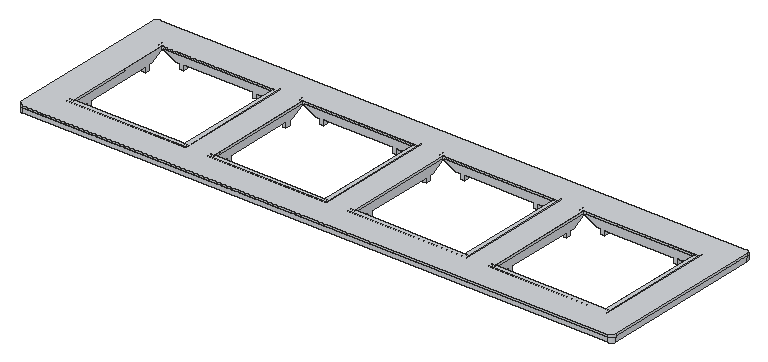
Revit family "Gira_0214335", category Electrical Fixtures, host Face, Revit 2017
Family settings
  Host = Face
  Maintain Annotation Orientation = No
  Round Connector Dimension = Use Diameter
  Part Type = Normal
  Cut with Voids When Loaded = No
  Shared = No
  Room Calculation Point = No
Parameters (values of type "Cov.fr. 4-g flat Gira E2 stainl.steel")
  With mounting grid = "No"
  With hinged lid = "No"
  URL = "http://katalog.gira.de/en/datenblatt.html?artikelnr=0214335"
  Type of fastening = "Clamp mounting"
  Transparent = "No"
  Surface protection = "Other"
  Suitable for wall duct = "No"
  Suitable for flush-mounted installation = "Yes"
  Suitable for floor box = "No"
  Suitable for built-in installation = "No"
  Number of units vertical = "4"
  Number of units horizontal = "4"
  Number of units = "4"
  Name = "Cov.fr. 4-g flat Gira E2 stainl.steel"
  Mounting direction = "Horizontal and vertical"
  Material quality = "Stainless steel"
  Material = "Metal"
  Manufacturer URL = "https://www.gira.de/"
  Manufacturer = "Gira"
  Label space/information surface = "No"
  Keynote = ""
  HeinzeBIM = "https://bimportal.heinze.de/bim/cov-fr-4-g-flat-gira-e2-stainl-steel/90f0c5539f25e6125e50d8c9e116ab248014e468"
  Halogen free = "No"
  HAN = "0214335"
  GTIN = "4010337019886"
  Description = "Cov.fr.4g flat E2 SST,Gira E2 cover frame for flat installation,Stainless steel,4-gang,"
  Degree of protection (IP) = "IP20"
  Default Elevation = 1219.2 mm
  Data sheet (1) = "https://katalog.gira.de/en/download.html?artikelnr=0214335"
  Colour = "Stainless steel"
  Category = "Cover frame for domestic switching devices"
  BIM (1) = "https://media.stage.bim.site/public/gira/36a6b08/E2flach_Rahmen_4fach.rfa"
  Available = "No"
Reference planes
  plane 1 "Center (Front/Back)": y = 0
  plane 2: z = 0
  plane 3 "Center (Left/Right)": x = 0
Forms (mm)
  Extrusion 1, solid, detail levels fine
    sketch origin (0, 0, 0) x (1, 0, 0) y (0, 1, 0)
      loop
        arc (-148.2, 43.9) -> (-149.968, 43.168) -> (-150.7, 41.4) r 2.5
        line (-150.7, 41.4) -> (-150.7, -41.4)
        arc (-150.7, -41.4) -> (-149.968, -43.168) -> (-148.2, -43.9) r 2.5
        line (-148.2, -43.9) -> (148.2, -43.9)
        arc (148.2, -43.9) -> (149.968, -43.168) -> (150.7, -41.4) r 2.5
        line (150.7, -41.4) -> (150.7, 41.4)
        arc (150.7, 41.4) -> (149.968, 43.168) -> (148.2, 43.9) r 2.5
        line (148.2, 43.9) -> (-148.2, 43.9)
      loop
        spline (-134.944, -27.245) -> (-134.936, -27.363) -> (-134.913, -27.478) -> (-134.875, -27.589) -> (-134.823, -27.695) -> (-134.758, -27.792) -> (-134.681, -27.881) -> (-134.592, -27.958) -> (-134.495, -28.023) -> (-134.389, -28.075) -> (-134.278, -28.113) -> (-134.163, -28.136) -> (-134.045, -28.144)
        line (-134.045, -28.144) -> (-79.555, -28.144)
        spline (-79.555, -28.144) -> (-79.437, -28.136) -> (-79.322, -28.113) -> (-79.211, -28.075) -> (-79.105, -28.023) -> (-79.008, -27.958) -> (-78.919, -27.881) -> (-78.842, -27.792) -> (-78.777, -27.695) -> (-78.725, -27.589) -> (-78.687, -27.478) -> (-78.664, -27.363) -> (-78.656, -27.245)
        line (-78.656, -27.245) -> (-78.656, 27.245)
        spline (-78.656, 27.245) -> (-78.664, 27.363) -> (-78.687, 27.478) -> (-78.725, 27.589) -> (-78.777, 27.695) -> (-78.842, 27.792) -> (-78.919, 27.881) -> (-79.008, 27.958) -> (-79.105, 28.023) -> (-79.211, 28.075) -> (-79.322, 28.113) -> (-79.437, 28.136) -> (-79.555, 28.144)
        line (-79.555, 28.144) -> (-134.045, 28.144)
        spline (-134.045, 28.144) -> (-134.163, 28.136) -> (-134.278, 28.113) -> (-134.389, 28.075) -> (-134.495, 28.023) -> (-134.592, 27.958) -> (-134.681, 27.881) -> (-134.758, 27.792) -> (-134.823, 27.695) -> (-134.875, 27.589) -> (-134.913, 27.478) -> (-134.936, 27.363) -> (-134.944, 27.245)
        line (-134.944, 27.245) -> (-134.944, -27.245)
      loop
        spline (134.045, -28.144) -> (134.163, -28.136) -> (134.278, -28.113) -> (134.389, -28.075) -> (134.495, -28.023) -> (134.592, -27.958) -> (134.681, -27.881) -> (134.758, -27.792) -> (134.823, -27.695) -> (134.875, -27.589) -> (134.913, -27.478) -> (134.936, -27.363) -> (134.944, -27.245)
        line (134.944, -27.245) -> (134.944, 27.245)
        spline (134.944, 27.245) -> (134.936, 27.363) -> (134.913, 27.478) -> (134.875, 27.589) -> (134.823, 27.695) -> (134.758, 27.792) -> (134.681, 27.881) -> (134.592, 27.958) -> (134.495, 28.023) -> (134.389, 28.075) -> (134.278, 28.113) -> (134.163, 28.136) -> (134.045, 28.144)
        line (134.045, 28.144) -> (79.555, 28.144)
        spline (79.555, 28.144) -> (79.437, 28.136) -> (79.322, 28.113) -> (79.211, 28.075) -> (79.105, 28.023) -> (79.008, 27.958) -> (78.919, 27.881) -> (78.842, 27.792) -> (78.777, 27.695) -> (78.725, 27.589) -> (78.687, 27.478) -> (78.664, 27.363) -> (78.656, 27.245)
        line (78.656, 27.245) -> (78.656, -27.245)
        spline (78.656, -27.245) -> (78.664, -27.363) -> (78.687, -27.478) -> (78.725, -27.589) -> (78.777, -27.695) -> (78.842, -27.792) -> (78.919, -27.881) -> (79.008, -27.958) -> (79.105, -28.023) -> (79.211, -28.075) -> (79.322, -28.113) -> (79.437, -28.136) -> (79.555, -28.144)
        line (79.555, -28.144) -> (134.045, -28.144)
      loop
        spline (-63.744, -27.245) -> (-63.736, -27.363) -> (-63.713, -27.478) -> (-63.675, -27.589) -> (-63.623, -27.695) -> (-63.558, -27.792) -> (-63.481, -27.881) -> (-63.392, -27.958) -> (-63.295, -28.023) -> (-63.189, -28.075) -> (-63.078, -28.113) -> (-62.963, -28.136) -> (-62.845, -28.144)
        line (-62.845, -28.144) -> (-8.355, -28.144)
        spline (-8.355, -28.144) -> (-8.237, -28.136) -> (-8.122, -28.113) -> (-8.011, -28.075) -> (-7.905, -28.023) -> (-7.808, -27.958) -> (-7.719, -27.881) -> (-7.642, -27.792) -> (-7.577, -27.695) -> (-7.525, -27.589) -> (-7.487, -27.478) -> (-7.464, -27.363) -> (-7.456, -27.245)
        line (-7.456, -27.245) -> (-7.456, 27.245)
        spline (-7.456, 27.245) -> (-7.464, 27.363) -> (-7.487, 27.478) -> (-7.525, 27.589) -> (-7.577, 27.695) -> (-7.642, 27.792) -> (-7.719, 27.881) -> (-7.808, 27.958) -> (-7.905, 28.023) -> (-8.011, 28.075) -> (-8.122, 28.113) -> (-8.237, 28.136) -> (-8.355, 28.144)
        line (-8.355, 28.144) -> (-62.845, 28.144)
        spline (-62.845, 28.144) -> (-62.963, 28.136) -> (-63.078, 28.113) -> (-63.189, 28.075) -> (-63.295, 28.023) -> (-63.392, 27.958) -> (-63.481, 27.881) -> (-63.558, 27.792) -> (-63.623, 27.695) -> (-63.675, 27.589) -> (-63.713, 27.478) -> (-63.736, 27.363) -> (-63.744, 27.245)
        line (-63.744, 27.245) -> (-63.744, -27.245)
      loop
        spline (7.456, -27.245) -> (7.464, -27.363) -> (7.487, -27.478) -> (7.525, -27.589) -> (7.577, -27.695) -> (7.642, -27.792) -> (7.719, -27.881) -> (7.808, -27.958) -> (7.905, -28.023) -> (8.011, -28.075) -> (8.122, -28.113) -> (8.237, -28.136) -> (8.355, -28.144)
        line (8.355, -28.144) -> (62.845, -28.144)
        spline (62.845, -28.144) -> (62.963, -28.136) -> (63.078, -28.113) -> (63.189, -28.075) -> (63.295, -28.023) -> (63.392, -27.958) -> (63.481, -27.881) -> (63.558, -27.792) -> (63.623, -27.695) -> (63.675, -27.589) -> (63.713, -27.478) -> (63.736, -27.363) -> (63.744, -27.245)
        line (63.744, -27.245) -> (63.744, 27.245)
        spline (63.744, 27.245) -> (63.736, 27.363) -> (63.713, 27.478) -> (63.675, 27.589) -> (63.623, 27.695) -> (63.558, 27.792) -> (63.481, 27.881) -> (63.392, 27.958) -> (63.295, 28.023) -> (63.189, 28.075) -> (63.078, 28.113) -> (62.963, 28.136) -> (62.845, 28.144)
        line (62.845, 28.144) -> (8.355, 28.144)
        spline (8.355, 28.144) -> (8.237, 28.136) -> (8.122, 28.113) -> (8.011, 28.075) -> (7.905, 28.023) -> (7.808, 27.958) -> (7.719, 27.881) -> (7.642, 27.792) -> (7.577, 27.695) -> (7.525, 27.589) -> (7.487, 27.478) -> (7.464, 27.363) -> (7.456, 27.245)
        line (7.456, 27.245) -> (7.456, -27.245)
    from 2.5 to 3.4
  Extrusion 2, solid, detail levels fine
    sketch origin (0, 0, 0) x (1, 0, 0) y (0, 1, 0)
      loop
        arc (-148.2, 43.9) -> (-149.968, 43.168) -> (-150.7, 41.4) r 2.5
        line (-150.7, 41.4) -> (-150.7, -41.4)
        arc (-150.7, -41.4) -> (-149.968, -43.168) -> (-148.2, -43.9) r 2.5
        line (-148.2, -43.9) -> (148.2, -43.9)
        arc (148.2, -43.9) -> (149.968, -43.168) -> (150.7, -41.4) r 2.5
        line (150.7, -41.4) -> (150.7, 41.4)
        arc (150.7, 41.4) -> (149.968, 43.168) -> (148.2, 43.9) r 2.5
        line (148.2, 43.9) -> (-148.2, 43.9)
      loop
        arc (-148.2, 43.4) -> (-149.614, 42.814) -> (-150.2, 41.4) r 2
        line (-150.2, 41.4) -> (-150.2, -41.4)
        arc (-150.2, -41.4) -> (-149.614, -42.814) -> (-148.2, -43.4) r 2
        line (-148.2, -43.4) -> (148.2, -43.4)
        arc (148.2, -43.4) -> (149.614, -42.814) -> (150.2, -41.4) r 2
        line (150.2, -41.4) -> (150.2, 41.4)
        arc (150.2, 41.4) -> (149.614, 42.814) -> (148.2, 43.4) r 2
        line (148.2, 43.4) -> (-148.2, 43.4)
    from 0 to 2.5
  Extrusion 3, solid, detail levels fine
    sketch origin (-106.8, 0, 0) x (1, 0, 0) y (0, 0, 1)
      loop
        line (-17.5, -4.06) -> (-17.5, -1.56) -> (17.5, -1.56) -> (17.5, -4.06) -> (19.5, -4.06) -> (19.5, -1.56) -> (21.654, -1.56) -> (27.214, 1.65) -> (30, 1.65) -> (30, 3.4) -> (-30, 3.4) -> (-30, 1.65) -> (-27.214, 1.65) -> (-21.654, -1.56) -> (-19.5, -1.56) -> (-19.5, -4.06) -> (-17.5, -4.06)
    from 28.144 to 30
  Extrusion 4, solid, detail levels fine
    sketch origin (-106.8, 0, 0) x (0, -1, 0) y (0, 0, -1)
      loop
        line (-17.5, 4.06) -> (-19.5, 4.06) -> (-19.5, 1.56) -> (-21.654, 1.56) -> (-27.214, -1.65) -> (-28.144, -1.65) -> (-28.144, -3.4) -> (28.144, -3.4) -> (28.144, -1.65) -> (27.214, -1.65) -> (21.654, 1.56) -> (19.5, 1.56) -> (19.5, 4.06) -> (17.5, 4.06) -> (17.5, 1.56) -> (-17.5, 1.56) -> (-17.5, 4.06)
    from 28.144 to 30
  Extrusion 5, solid, detail levels medium
    sketch origin (-106.8, 0, 0) x (0, -1, 0) y (0, 0, 1)
      loop
        line (-17.5, -4.06) -> (-17.5, -1.56) -> (17.5, -1.56) -> (17.5, -4.06) -> (19.5, -4.06) -> (19.5, -1.56) -> (28.144, -1.56) -> (28.144, 3.4) -> (-28.144, 3.4) -> (-28.144, -1.56) -> (-19.5, -1.56) -> (-19.5, -4.06) -> (-17.5, -4.06)
    from 28.144 to 30
  Extrusion 6, solid, detail levels fine
    sketch origin (-106.8, 0, 0) x (1, 0, 0) y (0, 0, -1)
      loop
        line (-17.5, 4.06) -> (-19.5, 4.06) -> (-19.5, 1.56) -> (-21.654, 1.56) -> (-27.214, -1.65) -> (-30, -1.65) -> (-30, -3.4) -> (30, -3.4) -> (30, -1.65) -> (27.214, -1.65) -> (21.654, 1.56) -> (19.5, 1.56) -> (19.5, 4.06) -> (17.5, 4.06) -> (17.5, 1.56) -> (-17.5, 1.56) -> (-17.5, 4.06)
    from 28.144 to 30
  Extrusion 7, solid, detail levels coarse
    sketch origin (0, 0, 0) x (1, 0, 0) y (0, 1, 0)
      loop
        line (-150.7, 43.9) -> (-150.7, -43.9) -> (150.7, -43.9) -> (150.7, 43.9) -> (-150.7, 43.9)
    from -4.06 to 3.4
  Extrusion 8, solid, detail levels medium
    sketch origin (0, 0, 0) x (1, 0, 0) y (0, 1, 0)
      loop
        line (-150.7, 43.9) -> (-150.7, -43.9) -> (150.7, -43.9) -> (150.7, 43.9) -> (-150.7, 43.9)
    from 0 to 3.4
  Extrusion 9, solid, detail levels medium
    sketch origin (-106.8, 0, 0) x (1, 0, 0) y (0, 0, 1)
      loop
        line (-17.5, -4.06) -> (-17.5, -1.56) -> (17.5, -1.56) -> (17.5, -4.06) -> (19.5, -4.06) -> (19.5, -1.56) -> (30, -1.56) -> (30, 3.4) -> (-30, 3.4) -> (-30, -1.56) -> (-19.5, -1.56) -> (-19.5, -4.06) -> (-17.5, -4.06)
    from 28.144 to 30
  Extrusion 10, solid, detail levels medium
    sketch origin (-106.8, 0, 0) x (1, 0, 0) y (0, 0, -1)
      loop
        line (-17.5, 4.06) -> (-19.5, 4.06) -> (-19.5, 1.56) -> (-30, 1.56) -> (-30, -3.4) -> (30, -3.4) -> (30, 1.56) -> (19.5, 1.56) -> (19.5, 4.06) -> (17.5, 4.06) -> (17.5, 1.56) -> (-17.5, 1.56) -> (-17.5, 4.06)
    from 28.144 to 30
  Extrusion 11, solid, detail levels medium
    sketch origin (-106.8, 0, 0) x (0, -1, 0) y (0, 0, -1)
      loop
        line (-17.5, 4.06) -> (-19.5, 4.06) -> (-19.5, 1.56) -> (-28.144, 1.56) -> (-28.144, -3.4) -> (28.144, -3.4) -> (28.144, 1.56) -> (19.5, 1.56) -> (19.5, 4.06) -> (17.5, 4.06) -> (17.5, 1.56) -> (-17.5, 1.56) -> (-17.5, 4.06)
    from 28.144 to 30
  Extrusion 12, solid, detail levels fine
    sketch origin (35.6, 0, 0) x (-1, 0, 0) y (0, 0, -1)
      loop
        line (-17.5, 4.06) -> (-19.5, 4.06) -> (-19.5, 1.56) -> (-21.654, 1.56) -> (-27.214, -1.65) -> (-30, -1.65) -> (-30, -3.4) -> (30, -3.4) -> (30, -1.65) -> (27.214, -1.65) -> (21.654, 1.56) -> (19.5, 1.56) -> (19.5, 4.06) -> (17.5, 4.06) -> (17.5, 1.56) -> (-17.5, 1.56) -> (-17.5, 4.06)
    from 28.144 to 30
  Extrusion 13, solid, detail levels fine
    sketch origin (35.6, 0, 0) x (0, -1, 0) y (0, 0, 1)
      loop
        line (-17.5, -4.06) -> (-17.5, -1.56) -> (17.5, -1.56) -> (17.5, -4.06) -> (19.5, -4.06) -> (19.5, -1.56) -> (21.654, -1.56) -> (27.214, 1.65) -> (28.144, 1.65) -> (28.144, 3.4) -> (-28.144, 3.4) -> (-28.144, 1.65) -> (-27.214, 1.65) -> (-21.654, -1.56) -> (-19.5, -1.56) -> (-19.5, -4.06) -> (-17.5, -4.06)
    from 28.144 to 30
  Extrusion 14, solid, detail levels medium
    sketch origin (35.6, 0, 0) x (0, -1, 0) y (0, 0, -1)
      loop
        line (-17.5, 4.06) -> (-19.5, 4.06) -> (-19.5, 1.56) -> (-28.144, 1.56) -> (-28.144, -3.4) -> (28.144, -3.4) -> (28.144, 1.56) -> (19.5, 1.56) -> (19.5, 4.06) -> (17.5, 4.06) -> (17.5, 1.56) -> (-17.5, 1.56) -> (-17.5, 4.06)
    from 28.144 to 30
  Extrusion 15, solid, detail levels fine
    sketch origin (35.6, 0, 0) x (-1, 0, 0) y (0, 0, 1)
      loop
        line (-17.5, -4.06) -> (-17.5, -1.56) -> (17.5, -1.56) -> (17.5, -4.06) -> (19.5, -4.06) -> (19.5, -1.56) -> (21.654, -1.56) -> (27.214, 1.65) -> (30, 1.65) -> (30, 3.4) -> (-30, 3.4) -> (-30, 1.65) -> (-27.214, 1.65) -> (-21.654, -1.56) -> (-19.5, -1.56) -> (-19.5, -4.06) -> (-17.5, -4.06)
    from 28.144 to 30
  Extrusion 16, solid, detail levels medium
    sketch origin (35.6, 0, 0) x (-1, 0, 0) y (0, 0, -1)
      loop
        line (-17.5, 4.06) -> (-19.5, 4.06) -> (-19.5, 1.56) -> (-30, 1.56) -> (-30, -3.4) -> (30, -3.4) -> (30, 1.56) -> (19.5, 1.56) -> (19.5, 4.06) -> (17.5, 4.06) -> (17.5, 1.56) -> (-17.5, 1.56) -> (-17.5, 4.06)
    from 28.144 to 30
  Extrusion 17, solid, detail levels medium
    sketch origin (35.6, 0, 0) x (-1, 0, 0) y (0, 0, 1)
      loop
        line (-17.5, -4.06) -> (-17.5, -1.56) -> (17.5, -1.56) -> (17.5, -4.06) -> (19.5, -4.06) -> (19.5, -1.56) -> (30, -1.56) -> (30, 3.4) -> (-30, 3.4) -> (-30, -1.56) -> (-19.5, -1.56) -> (-19.5, -4.06) -> (-17.5, -4.06)
    from 28.144 to 30
  Extrusion 18, solid, detail levels medium
    sketch origin (35.6, 0, 0) x (0, -1, 0) y (0, 0, 1)
      loop
        line (-17.5, -4.06) -> (-17.5, -1.56) -> (17.5, -1.56) -> (17.5, -4.06) -> (19.5, -4.06) -> (19.5, -1.56) -> (28.144, -1.56) -> (28.144, 3.4) -> (-28.144, 3.4) -> (-28.144, -1.56) -> (-19.5, -1.56) -> (-19.5, -4.06) -> (-17.5, -4.06)
    from 28.144 to 30
  Extrusion 19, solid, detail levels fine
    sketch origin (-164.944, 0, 0) x (0, -1, 0) y (0, 0, -1)
      loop
        line (-17.5, 4.06) -> (-19.5, 4.06) -> (-19.5, 1.56) -> (-21.654, 1.56) -> (-27.214, -1.65) -> (-28.144, -1.65) -> (-28.144, -3.4) -> (28.144, -3.4) -> (28.144, -1.65) -> (27.214, -1.65) -> (21.654, 1.56) -> (19.5, 1.56) -> (19.5, 4.06) -> (17.5, 4.06) -> (17.5, 1.56) -> (-17.5, 1.56) -> (-17.5, 4.06)
    from 28.144 to 30
  Extrusion 20, solid, detail levels fine
    sketch origin (93.744, 0, 0) x (0, -1, 0) y (0, 0, 1)
      loop
        line (-17.5, -4.06) -> (-17.5, -1.56) -> (17.5, -1.56) -> (17.5, -4.06) -> (19.5, -4.06) -> (19.5, -1.56) -> (21.654, -1.56) -> (27.214, 1.65) -> (28.144, 1.65) -> (28.144, 3.4) -> (-28.144, 3.4) -> (-28.144, 1.65) -> (-27.214, 1.65) -> (-21.654, -1.56) -> (-19.5, -1.56) -> (-19.5, -4.06) -> (-17.5, -4.06)
    from 28.144 to 30
  Extrusion 21, solid, detail levels fine
    sketch origin (-35.6, 0, 0) x (-1, 0, 0) y (0, 0, -1)
      loop
        line (-17.5, 4.06) -> (-19.5, 4.06) -> (-19.5, 1.56) -> (-21.654, 1.56) -> (-27.214, -1.65) -> (-30, -1.65) -> (-30, -3.4) -> (30, -3.4) -> (30, -1.65) -> (27.214, -1.65) -> (21.654, 1.56) -> (19.5, 1.56) -> (19.5, 4.06) -> (17.5, 4.06) -> (17.5, 1.56) -> (-17.5, 1.56) -> (-17.5, 4.06)
    from 28.144 to 30
  Extrusion 22, solid, detail levels fine
    sketch origin (-35.6, 0, 0) x (0, -1, 0) y (0, 0, 1)
      loop
        line (-17.5, -4.06) -> (-17.5, -1.56) -> (17.5, -1.56) -> (17.5, -4.06) -> (19.5, -4.06) -> (19.5, -1.56) -> (21.654, -1.56) -> (27.214, 1.65) -> (28.144, 1.65) -> (28.144, 3.4) -> (-28.144, 3.4) -> (-28.144, 1.65) -> (-27.214, 1.65) -> (-21.654, -1.56) -> (-19.5, -1.56) -> (-19.5, -4.06) -> (-17.5, -4.06)
    from 28.144 to 30
  Extrusion 23, solid, detail levels medium
    sketch origin (-35.6, 0, 0) x (0, -1, 0) y (0, 0, -1)
      loop
        line (-17.5, 4.06) -> (-19.5, 4.06) -> (-19.5, 1.56) -> (-28.144, 1.56) -> (-28.144, -3.4) -> (28.144, -3.4) -> (28.144, 1.56) -> (19.5, 1.56) -> (19.5, 4.06) -> (17.5, 4.06) -> (17.5, 1.56) -> (-17.5, 1.56) -> (-17.5, 4.06)
    from 28.144 to 30
  Extrusion 24, solid, detail levels fine
    sketch origin (-35.6, 0, 0) x (-1, 0, 0) y (0, 0, 1)
      loop
        line (-17.5, -4.06) -> (-17.5, -1.56) -> (17.5, -1.56) -> (17.5, -4.06) -> (19.5, -4.06) -> (19.5, -1.56) -> (21.654, -1.56) -> (27.214, 1.65) -> (30, 1.65) -> (30, 3.4) -> (-30, 3.4) -> (-30, 1.65) -> (-27.214, 1.65) -> (-21.654, -1.56) -> (-19.5, -1.56) -> (-19.5, -4.06) -> (-17.5, -4.06)
    from 28.144 to 30
  Extrusion 25, solid, detail levels medium
    sketch origin (-35.6, 0, 0) x (-1, 0, 0) y (0, 0, -1)
      loop
        line (-17.5, 4.06) -> (-19.5, 4.06) -> (-19.5, 1.56) -> (-30, 1.56) -> (-30, -3.4) -> (30, -3.4) -> (30, 1.56) -> (19.5, 1.56) -> (19.5, 4.06) -> (17.5, 4.06) -> (17.5, 1.56) -> (-17.5, 1.56) -> (-17.5, 4.06)
    from 28.144 to 30
  Extrusion 26, solid, detail levels medium
    sketch origin (-35.6, 0, 0) x (-1, 0, 0) y (0, 0, 1)
      loop
        line (-17.5, -4.06) -> (-17.5, -1.56) -> (17.5, -1.56) -> (17.5, -4.06) -> (19.5, -4.06) -> (19.5, -1.56) -> (30, -1.56) -> (30, 3.4) -> (-30, 3.4) -> (-30, -1.56) -> (-19.5, -1.56) -> (-19.5, -4.06) -> (-17.5, -4.06)
    from 28.144 to 30
  Extrusion 27, solid, detail levels medium
    sketch origin (-35.6, 0, 0) x (0, -1, 0) y (0, 0, 1)
      loop
        line (-17.5, -4.06) -> (-17.5, -1.56) -> (17.5, -1.56) -> (17.5, -4.06) -> (19.5, -4.06) -> (19.5, -1.56) -> (28.144, -1.56) -> (28.144, 3.4) -> (-28.144, 3.4) -> (-28.144, -1.56) -> (-19.5, -1.56) -> (-19.5, -4.06) -> (-17.5, -4.06)
    from 28.144 to 30
  Extrusion 28, solid, detail levels fine
    sketch origin (22.544, 0, 0) x (0, -1, 0) y (0, 0, 1)
      loop
        line (-17.5, -4.06) -> (-17.5, -1.56) -> (17.5, -1.56) -> (17.5, -4.06) -> (19.5, -4.06) -> (19.5, -1.56) -> (21.654, -1.56) -> (27.214, 1.65) -> (28.144, 1.65) -> (28.144, 3.4) -> (-28.144, 3.4) -> (-28.144, 1.65) -> (-27.214, 1.65) -> (-21.654, -1.56) -> (-19.5, -1.56) -> (-19.5, -4.06) -> (-17.5, -4.06)
    from 28.144 to 30
  Extrusion 29, solid, detail levels fine
    sketch origin (106.8, 0, 0) x (-1, 0, 0) y (0, 0, -1)
      loop
        line (-17.5, 4.06) -> (-19.5, 4.06) -> (-19.5, 1.56) -> (-21.654, 1.56) -> (-27.214, -1.65) -> (-30, -1.65) -> (-30, -3.4) -> (30, -3.4) -> (30, -1.65) -> (27.214, -1.65) -> (21.654, 1.56) -> (19.5, 1.56) -> (19.5, 4.06) -> (17.5, 4.06) -> (17.5, 1.56) -> (-17.5, 1.56) -> (-17.5, 4.06)
    from 28.144 to 30
  Extrusion 30, solid, detail levels fine
    sketch origin (106.8, 0, 0) x (0, -1, 0) y (0, 0, 1)
      loop
        line (-17.5, -4.06) -> (-17.5, -1.56) -> (17.5, -1.56) -> (17.5, -4.06) -> (19.5, -4.06) -> (19.5, -1.56) -> (21.654, -1.56) -> (27.214, 1.65) -> (28.144, 1.65) -> (28.144, 3.4) -> (-28.144, 3.4) -> (-28.144, 1.65) -> (-27.214, 1.65) -> (-21.654, -1.56) -> (-19.5, -1.56) -> (-19.5, -4.06) -> (-17.5, -4.06)
    from 28.144 to 30
  Extrusion 31, solid, detail levels medium
    sketch origin (106.8, 0, 0) x (0, -1, 0) y (0, 0, -1)
      loop
        line (-17.5, 4.06) -> (-19.5, 4.06) -> (-19.5, 1.56) -> (-28.144, 1.56) -> (-28.144, -3.4) -> (28.144, -3.4) -> (28.144, 1.56) -> (19.5, 1.56) -> (19.5, 4.06) -> (17.5, 4.06) -> (17.5, 1.56) -> (-17.5, 1.56) -> (-17.5, 4.06)
    from 28.144 to 30
  Extrusion 32, solid, detail levels fine
    sketch origin (106.8, 0, 0) x (-1, 0, 0) y (0, 0, 1)
      loop
        line (-17.5, -4.06) -> (-17.5, -1.56) -> (17.5, -1.56) -> (17.5, -4.06) -> (19.5, -4.06) -> (19.5, -1.56) -> (21.654, -1.56) -> (27.214, 1.65) -> (30, 1.65) -> (30, 3.4) -> (-30, 3.4) -> (-30, 1.65) -> (-27.214, 1.65) -> (-21.654, -1.56) -> (-19.5, -1.56) -> (-19.5, -4.06) -> (-17.5, -4.06)
    from 28.144 to 30
  Extrusion 33, solid, detail levels medium
    sketch origin (106.8, 0, 0) x (-1, 0, 0) y (0, 0, -1)
      loop
        line (-17.5, 4.06) -> (-19.5, 4.06) -> (-19.5, 1.56) -> (-30, 1.56) -> (-30, -3.4) -> (30, -3.4) -> (30, 1.56) -> (19.5, 1.56) -> (19.5, 4.06) -> (17.5, 4.06) -> (17.5, 1.56) -> (-17.5, 1.56) -> (-17.5, 4.06)
    from 28.144 to 30
  Extrusion 34, solid, detail levels medium
    sketch origin (106.8, 0, 0) x (-1, 0, 0) y (0, 0, 1)
      loop
        line (-17.5, -4.06) -> (-17.5, -1.56) -> (17.5, -1.56) -> (17.5, -4.06) -> (19.5, -4.06) -> (19.5, -1.56) -> (30, -1.56) -> (30, 3.4) -> (-30, 3.4) -> (-30, -1.56) -> (-19.5, -1.56) -> (-19.5, -4.06) -> (-17.5, -4.06)
    from 28.144 to 30
  Extrusion 35, solid, detail levels medium
    sketch origin (106.8, 0, 0) x (0, -1, 0) y (0, 0, 1)
      loop
        line (-17.5, -4.06) -> (-17.5, -1.56) -> (17.5, -1.56) -> (17.5, -4.06) -> (19.5, -4.06) -> (19.5, -1.56) -> (28.144, -1.56) -> (28.144, 3.4) -> (-28.144, 3.4) -> (-28.144, -1.56) -> (-19.5, -1.56) -> (-19.5, -4.06) -> (-17.5, -4.06)
    from 28.144 to 30
  Extrusion 36, solid, detail levels fine
    sketch origin (164.944, 0, 0) x (0, -1, 0) y (0, 0, 1)
      loop
        line (-17.5, -4.06) -> (-17.5, -1.56) -> (17.5, -1.56) -> (17.5, -4.06) -> (19.5, -4.06) -> (19.5, -1.56) -> (21.654, -1.56) -> (27.214, 1.65) -> (28.144, 1.65) -> (28.144, 3.4) -> (-28.144, 3.4) -> (-28.144, 1.65) -> (-27.214, 1.65) -> (-21.654, -1.56) -> (-19.5, -1.56) -> (-19.5, -4.06) -> (-17.5, -4.06)
    from 28.144 to 30
Dimensions and locks
  aligned and locked: plane 2 to host face
  aligned and locked: level to host face
